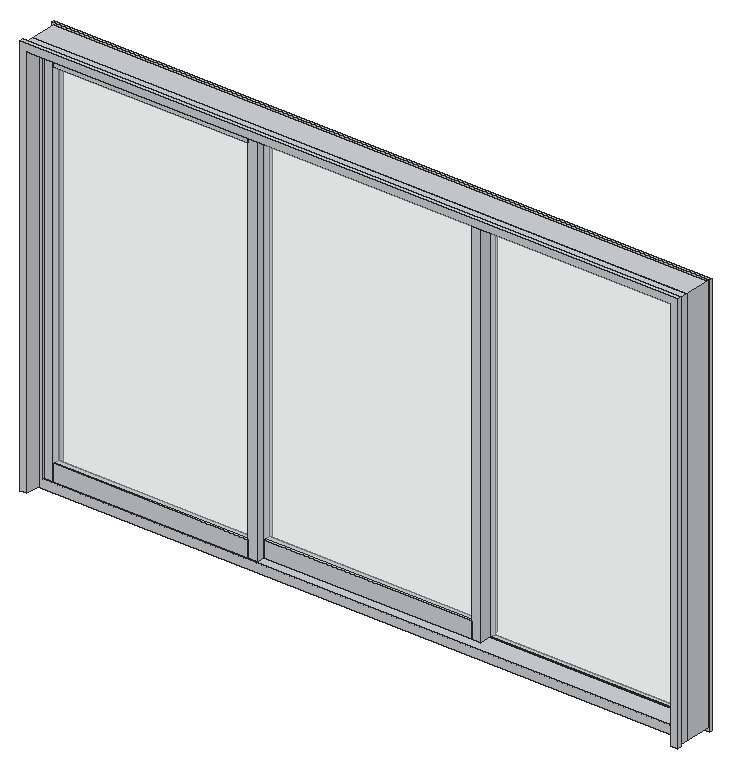
Revit family "APL Residential Thermal Heart Sliding Door SSF", category Doors, host Wall, Revit 2017 (continued)
Definition of nested family "APL Residential Thermal Heart Sliding Door SSF Horizontal Section"
  Definition of nested family "Jamb Multislider Fixed"
    Definition of nested family "65410_Frame"
      Lines and regions (mm)
        model lines, in view "Ref. Level"
          curve 590: line (111.5, 9.1, 0) -> (111.5, 8.8, 0)
          curve 591: line (110.5, 8.8, 0) -> (110.5, 11.35, 0)
          curve 592: line (111.5, 11.35, 0) -> (111.5, 10.5, 0)
          curve 593: line (111.7, 10.3, 0) -> (112.7, 10.3, 0)
          curve 594: line (112.9, 10.5, 0) -> (112.9, 17.8, 0)
          curve 595: line (112.7, 18, 0) -> (111.701, 18, 0)
          curve 596: line (111.5, 17.8, 0) -> (111.5, 16.95, 0)
          curve 597: line (110.5, 16.95, 0) -> (110.5, 18.5, 0)
          curve 598: line (111, 19, 0) -> (116, 19, 0)
          curve 599: line (116.5, 18.5, 0) -> (116.5, 16.95, 0)
          curve 600: line (115.5, 16.95, 0) -> (115.5, 17.8, 0)
          curve 601: line (115.3, 18, 0) -> (114.3, 18, 0)
          curve 602: line (114.1, 17.8, 0) -> (114.1, 10.5, 0)
          curve 603: line (114.3, 10.3, 0) -> (115.3, 10.3, 0)
          curve 604: line (115.5, 10.5, 0) -> (115.5, 11.35, 0)
          curve 605: line (116.5, 11.35, 0) -> (116.5, 8.8, 0)
          curve 606: line (115.5, 8.8, 0) -> (115.5, 9.1, 0)
          curve 607: line (115.3, 9.3, 0) -> (114.6, 9.3, 0)
          curve 608: line (114.4, 9.1, 0) -> (114.4, -7.5, 0)
          curve 609: line (114.9, -8, 0) -> (117.117, -8, 0)
          curve 610: line (117.887, -7.732, 0) -> (119.297, -7.218, 0)
          curve 611: line (119.699, -7.526, 0) -> (119.492, -9.892, 0)
          curve 612: line (119.405, -10.078, 0) -> (119.041, -10.441, 0)
          curve 613: line (118.707, -10.352, 0) -> (118.662, -10.184, 0)
          curve 614: line (118.662, -10.184, 0) -> (116.532, -9.51, 0)
          curve 615: line (116.532, -9.51, 0) -> (116.3, -9.5, 0)
          curve 616: line (116.2, -10.247, 0) -> (116.2, -13.475, 0)
          curve 617: line (116.2, -13.475, 0) -> (116.006, -14.25, 0)
          curve 618: line (116.2, -14.5, 0) -> (116.721, -14.5, 0)
          curve 619: line (116.721, -14.5, 0) -> (118.131, -13.691, 0)
          curve 620: line (118.7, -13.55, 0) -> (118.7, -15.126, 0)
          curve 621: line (118.7, -16.874, 0) -> (118.7, -18.45, 0)
          curve 622: line (118.131, -18.309, 0) -> (116.877, -17.544, 0)
          curve 623: line (116.877, -17.544, 0) -> (116.2, -17.5, 0)
          curve 624: line (116.006, -17.75, 0) -> (116.194, -18.475, 0)
          curve 625: line (116.194, -18.475, 0) -> (116.2, -21.753, 0)
          curve 626: line (116.454, -22.5, 0) -> (118.521, -21.957, 0)
          curve 627: line (118.521, -21.957, 0) -> (118.707, -21.648, 0)
          curve 628: line (119.041, -21.559, 0) -> (119.405, -21.922, 0)
          curve 629: line (119.492, -22.108, 0) -> (119.699, -24.474, 0)
          curve 630: line (119.297, -24.782, 0) -> (117.887, -24.268, 0)
          curve 631: line (117.117, -24, 0) -> (114.8, -24, 0)
          curve 632: line (114.3, -23.5, 0) -> (114.3, -19, 0)
          curve 633: line (114.1, -18.8, 0) -> (105.3, -18.8, 0)
          curve 634: line (104.8, -18.3, 0) -> (104.8, -17.8, 0)
          curve 635: line (105.3, -17.3, 0) -> (106.727, -17.3, 0)
          curve 636: line (106.827, -13.2, 0) -> (102.3, -13.2, 0)
          curve 637: line (100.048, -11.9, 0) -> (91.556, -11.9, 0)
          curve 638: line (89.2, -13.4, 0) -> (87.9, -13.4, 0)
          curve 639: line (86.9, -14.4, 0) -> (86.9, -23.5, 0)
          curve 640: line (86.4, -24, 0) -> (84.083, -24, 0)
          curve 641: line (83.313, -24.268, 0) -> (81.903, -24.782, 0)
          curve 642: line (81.501, -24.474, 0) -> (81.708, -22.108, 0)
          curve 643: line (81.795, -21.922, 0) -> (82.159, -21.559, 0)
          curve 644: line (82.493, -21.648, 0) -> (82.538, -21.816, 0)
          curve 645: line (82.538, -21.816, 0) -> (84.668, -22.49, 0)
          curve 646: line (84.668, -22.49, 0) -> (84.9, -22.5, 0)
          curve 647: line (85, -21.753, 0) -> (85, -18.525, 0)
          curve 648: line (85, -18.525, 0) -> (85.194, -17.75, 0)
          curve 649: line (85, -17.5, 0) -> (84.479, -17.5, 0)
          curve 650: line (84.479, -17.5, 0) -> (83.069, -18.309, 0)
          curve 651: line (82.5, -18.45, 0) -> (82.5, -16.874, 0)
          curve 652: line (82.5, -15.126, 0) -> (82.5, -13.55, 0)
          curve 653: line (83.069, -13.691, 0) -> (84.323, -14.456, 0)
          curve 654: line (84.323, -14.456, 0) -> (85, -14.5, 0)
          curve 655: line (85.194, -14.25, 0) -> (85.006, -13.525, 0)
          curve 656: line (85.006, -13.525, 0) -> (85, -10.247, 0)
          curve 657: line (84.746, -9.5, 0) -> (82.679, -10.043, 0)
          curve 658: line (82.679, -10.043, 0) -> (82.493, -10.352, 0)
          curve 659: line (82.159, -10.441, 0) -> (81.795, -10.078, 0)
          curve 660: line (81.708, -9.892, 0) -> (81.501, -7.526, 0)
          curve 661: line (81.903, -7.218, 0) -> (83.313, -7.732, 0)
          curve 662: line (84.083, -8, 0) -> (86.7, -8, 0)
          curve 663: line (86.9, -8.2, 0) -> (86.9, -11.3, 0)
          curve 664: line (87.1, -11.5, 0) -> (89.2, -11.5, 0)
          curve 665: line (89.4, -11.3, 0) -> (89.4, -10.2, 0)
          curve 666: arc (159.4, 11.877, 0) -> (159.327, 11.95, 0) -> (159.3, 12.05, 0) r 0.2
          curve 667: arc (159.3, 16.25, 0) -> (159.327, 16.35, 0) -> (159.4, 16.423, 0) r 0.2
          curve 668: arc (159.4, 16.423, 0) -> (159.473, 16.496, 0) -> (159.5, 16.596, 0) r 0.2
          curve 669: arc (159.5, 17.8, 0) -> (159.441, 17.941, 0) -> (159.3, 18, 0) r 0.2
          curve 670: arc (157.701, 18, 0) -> (157.559, 17.942, 0) -> (157.5, 17.8, 0) r 0.2
          curve 671: arc (157.5, 16.95, 0) -> (157, 16.451, 0) -> (156.5, 16.95, 0) r 0.5
          curve 672: arc (156.5, 18.5, 0) -> (156.646, 18.854, 0) -> (157, 19, 0) r 0.499
          curve 673: arc (160.5, 19, 0) -> (160.847, 18.847, 0) -> (161, 18.5, 0) r 0.523
          curve 674: arc (161, -2.5, 0) -> (160.856, -2.856, 0) -> (160.5, -3, 0) r 0.493
          curve 675: arc (157.7, -3, 0) -> (157.558, -3.058, 0) -> (157.5, -3.2, 0) r 0.199
          curve 676: arc (157.5, -10.801, 0) -> (156.852, -12.441, 0) -> (155.258, -13.195, 0) r 2.399
          curve 677: arc (155.258, -13.195, 0) -> (154.878, -13.412, 0) -> (154.814, -13.844, 0) r 0.5
          curve 678: arc (154.814, -13.844, 0) -> (155, -15.047, 0) -> (154.816, -16.25, 0) r 4
          curve 679: arc (154.816, -16.25, 0) -> (154.89, -16.696, 0) -> (155.293, -16.9, 0) r 0.5
          curve 680: arc (155.5, -16.9, 0) -> (156.914, -17.486, 0) -> (157.5, -18.9, 0) r 2.001
          curve 681: arc (166.75, -22.5, 0) -> (167.501, -23.253, 0) -> (166.745, -24, 0) r 0.75
          curve 682: arc (157.5, -24, 0) -> (156.439, -23.561, 0) -> (156, -22.5, 0) r 1.5
          curve 683: arc (156, -19, 0) -> (155.941, -18.859, 0) -> (155.8, -18.8, 0) r 0.2
          curve 684: arc (146.5, -18.8, 0) -> (146.146, -18.654, 0) -> (146, -18.3, 0) r 0.5
          curve 685: arc (146, -17.8, 0) -> (146.146, -17.446, 0) -> (146.5, -17.3, 0) r 0.5
          curve 686: arc (147.927, -17.3, 0) -> (148.266, -17.167, 0) -> (148.426, -16.84, 0) r 0.5
          curve 687: arc (148.426, -16.84, 0) -> (148.912, -16.197, 0) -> (149.7, -16.366, 0) r 0.75
          curve 688: arc (149.7, -16.366, 0) -> (151, -16.9, 0) -> (152.3, -16.366, 0) r 1.85
          curve 689: arc (152.3, -16.366, 0) -> (152.442, -16.256, 0) -> (152.607, -16.183, 0) r 0.75
          curve 690: arc (152.607, -16.183, 0) -> (152.791, -16.08, 0) -> (152.916, -15.91, 0) r 0.5
          curve 691: arc (152.916, -15.91, 0) -> (153.1, -15.05, 0) -> (152.916, -14.19, 0) r 2.1
          curve 692: arc (152.916, -14.19, 0) -> (152.791, -14.02, 0) -> (152.607, -13.917, 0) r 0.5
          curve 693: arc (152.607, -13.917, 0) -> (152.442, -13.844, 0) -> (152.3, -13.734, 0) r 0.75
          curve 694: arc (152.3, -13.734, 0) -> (151, -13.2, 0) -> (149.7, -13.734, 0) r 1.85
          curve 695: arc (149.7, -13.734, 0) -> (149.027, -13.936, 0) -> (148.482, -13.491, 0) r 0.75
          curve 696: arc (148.482, -13.491, 0) -> (148.32, -13.284, 0) -> (148.075, -13.188, 0) r 0.5
          curve 697: arc (148.075, -13.188, 0) -> (147.154, -12.86, 0) -> (146.481, -12.15, 0) r 2.1
          curve 698: arc (146.481, -12.15, 0) -> (146.298, -11.967, 0) -> (146.048, -11.9, 0) r 0.5
          curve 699: arc (137.556, -11.9, 0) -> (137.287, -11.978, 0) -> (137.103, -12.188, 0) r 0.5
          curve 700: arc (137.103, -12.188, 0) -> (136.328, -13.071, 0) -> (135.2, -13.4, 0) r 2.1
          curve 701: arc (133.9, -13.4, 0) -> (133.193, -13.693, 0) -> (132.9, -14.4, 0) r 1
          curve 702: arc (132.9, -23.5, 0) -> (132.754, -23.854, 0) -> (132.4, -24, 0) r 0.5
          curve 703: arc (130.083, -24, 0) -> (129.778, -23.801, 0) -> (129.505, -24.043, 0) r 0.3
          curve 704: arc (129.505, -24.043, 0) -> (129.439, -24.181, 0) -> (129.313, -24.268, 0) r 0.3
          curve 705: arc (127.903, -24.782, 0) -> (127.617, -24.738, 0) -> (127.501, -24.474, 0) r 0.3
          curve 706: arc (127.708, -22.108, 0) -> (127.735, -22.008, 0) -> (127.795, -21.922, 0) r 0.3
          curve 707: arc (128.159, -21.559, 0) -> (128.352, -21.507, 0) -> (128.493, -21.648, 0) r 0.2
          curve 708: arc (128.538, -21.816, 0) -> (128.59, -21.905, 0) -> (128.679, -21.957, 0) r 0.2
          curve 709: arc (130.9, -22.5, 0) -> (131.18, -22.307, 0) -> (131.1, -21.976, 0) r 0.3
          curve 710: arc (131.1, -21.976, 0) -> (131.026, -21.875, 0) -> (131, -21.753, 0) r 0.3
          curve 711: arc (131.194, -17.75, 0) -> (131.158, -17.578, 0) -> (131, -17.5, 0) r 0.2
          curve 712: arc (130.479, -17.5, 0) -> (130.398, -17.511, 0) -> (130.323, -17.544, 0) r 0.3
          curve 713: arc (129.069, -18.309, 0) -> (129.072, -18.479, 0) -> (128.966, -18.611, 0) r 0.25
          curve 714: arc (128.88, -18.663, 0) -> (128.628, -18.668, 0) -> (128.5, -18.45, 0) r 0.25
          curve 715: arc (128.5, -16.874, 0) -> (128.582, -16.477, 0) -> (128.815, -16.146, 0) r 1
          curve 716: arc (128.815, -16.146, 0) -> (128.878, -16, 0) -> (128.815, -15.854, 0) r 0.2
          curve 717: arc (128.815, -15.854, 0) -> (128.582, -15.523, 0) -> (128.5, -15.126, 0) r 1
          curve 718: arc (128.5, -13.55, 0) -> (128.628, -13.332, 0) -> (128.88, -13.337, 0) r 0.25
          curve 719: arc (128.966, -13.389, 0) -> (129.072, -13.521, 0) -> (129.069, -13.691, 0) r 0.25
          curve 720: arc (130.323, -14.456, 0) -> (130.398, -14.489, 0) -> (130.479, -14.5, 0) r 0.3
          curve 721: arc (131, -14.5, 0) -> (131.158, -14.422, 0) -> (131.194, -14.25, 0) r 0.2
          curve 722: arc (131, -10.247, 0) -> (131.026, -10.125, 0) -> (131.1, -10.024, 0) r 0.3
          curve 723: arc (131.1, -10.024, 0) -> (131.18, -9.693, 0) -> (130.9, -9.5, 0) r 0.3
          curve 724: arc (128.679, -10.043, 0) -> (128.59, -10.095, 0) -> (128.538, -10.184, 0) r 0.2
          curve 725: arc (128.493, -10.352, 0) -> (128.352, -10.493, 0) -> (128.159, -10.441, 0) r 0.2
          curve 726: arc (127.795, -10.078, 0) -> (127.735, -9.992, 0) -> (127.708, -9.892, 0) r 0.3
          curve 727: arc (127.501, -7.526, 0) -> (127.617, -7.262, 0) -> (127.903, -7.218, 0) r 0.3
          curve 728: arc (129.313, -7.732, 0) -> (129.439, -7.819, 0) -> (129.505, -7.957, 0) r 0.3
          curve 729: arc (129.505, -7.957, 0) -> (129.778, -8.199, 0) -> (130.083, -8, 0) r 0.3
          curve 730: arc (132.7, -8, 0) -> (132.841, -8.059, 0) -> (132.9, -8.2, 0) r 0.2
          curve 731: arc (132.9, -11.3, 0) -> (132.959, -11.441, 0) -> (133.1, -11.5, 0) r 0.2
          curve 732: arc (135.2, -11.5, 0) -> (135.341, -11.441, 0) -> (135.4, -11.3, 0) r 0.2
          curve 733: arc (135.4, -10.2, 0) -> (135.459, -10.059, 0) -> (135.6, -10, 0) r 0.2
          curve 734: arc (147.9, -10, 0) -> (148.042, -10.059, 0) -> (148.1, -10.2, 0) r 0.2
          curve 735: arc (148.1, -11.1, 0) -> (148.159, -11.241, 0) -> (148.3, -11.3, 0) r 0.2
          curve 736: arc (155.1, -11.3, 0) -> (155.454, -11.154, 0) -> (155.6, -10.8, 0) r 0.5
          curve 737: arc (155.6, -9.5, 0) -> (155.541, -9.359, 0) -> (155.4, -9.3, 0) r 0.2
          curve 738: arc (153.3, -9.3, 0) -> (153.159, -9.241, 0) -> (153.1, -9.1, 0) r 0.2
          curve 739: arc (153.1, -8.2, 0) -> (153.159, -8.059, 0) -> (153.3, -8, 0) r 0.2
          curve 740: arc (155.5, -8, 0) -> (155.854, -7.854, 0) -> (156, -7.5, 0) r 0.5
          curve 741: arc (156, -1.2, 0) -> (156.146, -0.846, 0) -> (156.5, -0.7, 0) r 0.5
          curve 742: arc (157.3, -0.7, 0) -> (157.441, -0.759, 0) -> (157.5, -0.9, 0) r 0.2
          curve 743: arc (159.3, -1.7, 0) -> (159.441, -1.641, 0) -> (159.5, -1.5, 0) r 0.2
          curve 744: arc (159.5, 3.4, 0) -> (159.1, 3.8, 0) -> (159.5, 4.2, 0) r 0.4
          curve 745: arc (159.5, 9.1, 0) -> (159.441, 9.241, 0) -> (159.3, 9.3, 0) r 0.2
          curve 746: arc (157.5, 8.7, 0) -> (157.383, 8.417, 0) -> (157.1, 8.3, 0) r 0.4
          curve 747: arc (157, 8.3, 0) -> (156.646, 8.447, 0) -> (156.5, 8.8, 0) r 0.5
          curve 748: arc (156.5, 11.35, 0) -> (157, 11.85, 0) -> (157.5, 11.35, 0) r 0.5
          curve 749: arc (157.5, 10.5, 0) -> (157.559, 10.359, 0) -> (157.7, 10.3, 0) r 0.2
          curve 750: arc (159.3, 10.3, 0) -> (159.441, 10.359, 0) -> (159.5, 10.5, 0) r 0.2
          curve 751: line (159.3, 12.05, 0) -> (159.3, 16.25, 0)
          curve 752: line (159.5, 16.596, 0) -> (159.5, 17.8, 0)
          curve 753: line (159.3, 18, 0) -> (157.701, 18, 0)
          curve 754: line (157.5, 17.8, 0) -> (157.5, 16.95, 0)
          curve 755: line (156.5, 16.95, 0) -> (156.5, 18.5, 0)
          curve 756: line (157, 19, 0) -> (160.5, 19, 0)
          curve 757: line (161, 18.5, 0) -> (161, -2.5, 0)
          curve 758: line (160.5, -3, 0) -> (157.7, -3, 0)
          curve 759: line (157.5, -3.2, 0) -> (157.5, -10.801, 0)
          curve 760: line (155.293, -16.9, 0) -> (155.5, -16.9, 0)
          curve 761: line (157.5, -18.9, 0) -> (157.5, -22.5, 0)
          curve 762: line (157.5, -22.5, 0) -> (166.75, -22.5, 0)
          curve 763: line (166.745, -24, 0) -> (165, -24, 0)
          curve 764: line (165, -24, 0) -> (164.6, -23.6, 0)
          curve 765: line (164.6, -23.6, 0) -> (158.3, -23.6, 0)
          curve 766: line (158.3, -23.6, 0) -> (157.9, -24, 0)
          curve 767: line (157.9, -24, 0) -> (157.5, -24, 0)
          curve 768: line (156, -22.5, 0) -> (156, -19, 0)
          curve 769: line (155.8, -18.8, 0) -> (146.5, -18.8, 0)
          curve 770: line (146, -18.3, 0) -> (146, -17.8, 0)
          curve 771: line (146.5, -17.3, 0) -> (147.927, -17.3, 0)
          curve 772: line (146.048, -11.9, 0) -> (137.556, -11.9, 0)
          curve 773: line (135.2, -13.4, 0) -> (133.9, -13.4, 0)
          curve 774: line (132.9, -14.4, 0) -> (132.9, -23.5, 0)
          curve 775: line (132.4, -24, 0) -> (130.083, -24, 0)
          curve 776: line (129.313, -24.268, 0) -> (127.903, -24.782, 0)
          curve 777: line (127.501, -24.474, 0) -> (127.708, -22.108, 0)
          curve 778: line (127.795, -21.922, 0) -> (128.159, -21.559, 0)
          curve 779: line (128.493, -21.648, 0) -> (128.538, -21.816, 0)
          curve 780: line (128.538, -21.816, 0) -> (130.668, -22.49, 0)
          curve 781: line (130.668, -22.49, 0) -> (130.9, -22.5, 0)
          curve 782: line (131, -21.753, 0) -> (131, -18.525, 0)
          curve 783: line (131, -18.525, 0) -> (131.194, -17.75, 0)
          curve 784: line (131, -17.5, 0) -> (130.479, -17.5, 0)
          curve 785: line (130.479, -17.5, 0) -> (129.069, -18.309, 0)
          curve 786: line (128.5, -18.45, 0) -> (128.5, -16.874, 0)
          curve 787: line (128.5, -15.126, 0) -> (128.5, -13.55, 0)
          curve 788: line (129.069, -13.691, 0) -> (130.323, -14.456, 0)
          curve 789: line (130.323, -14.456, 0) -> (131, -14.5, 0)
          curve 790: line (131.194, -14.25, 0) -> (131, -13.5, 0)
          curve 791: line (131.006, -13.525, 0) -> (131, -10.247, 0)
          curve 792: line (130.746, -9.5, 0) -> (128.679, -10.043, 0)
          curve 793: line (128.679, -10.043, 0) -> (128.493, -10.352, 0)
          curve 794: line (128.159, -10.441, 0) -> (127.795, -10.078, 0)
          curve 795: line (127.708, -9.892, 0) -> (127.501, -7.526, 0)
          curve 796: line (127.903, -7.218, 0) -> (129.313, -7.732, 0)
          curve 797: line (130.083, -8, 0) -> (132.7, -8, 0)
          curve 798: line (132.9, -8.2, 0) -> (132.9, -11.3, 0)
          curve 799: line (133.1, -11.5, 0) -> (135.2, -11.5, 0)
          curve 800: line (135.4, -11.3, 0) -> (135.4, -10.2, 0)
          curve 801: line (135.6, -10, 0) -> (141.4, -10, 0)
          curve 802: line (141.4, -10, 0) -> (141.8, -10.4, 0)
          curve 803: line (141.8, -10.4, 0) -> (142.2, -10, 0)
          curve 804: line (142.2, -10, 0) -> (147.9, -10, 0)
          curve 805: line (148.1, -10.2, 0) -> (148.1, -11.1, 0)
          curve 806: line (148.3, -11.3, 0) -> (155.1, -11.3, 0)
          curve 807: line (155.6, -10.8, 0) -> (155.6, -9.5, 0)
          curve 808: line (155.4, -9.3, 0) -> (153.3, -9.3, 0)
          curve 809: line (153.1, -9.1, 0) -> (153.1, -8.2, 0)
          curve 810: line (153.3, -8, 0) -> (155.5, -8, 0)
          curve 811: line (156, -7.5, 0) -> (156, -1.2, 0)
          curve 812: line (156.5, -0.7, 0) -> (157.3, -0.7, 0)
          curve 813: line (157.5, -0.9, 0) -> (157.5, -1.7, 0)
          curve 814: line (157.5, -1.7, 0) -> (159.3, -1.7, 0)
          curve 815: line (159.5, -1.5, 0) -> (159.5, 3.4, 0)
          curve 816: line (159.5, 4.2, 0) -> (159.5, 9.1, 0)
          curve 817: line (159.3, 9.3, 0) -> (157.5, 9.3, 0)
          curve 818: line (157.5, 9.3, 0) -> (157.5, 8.7, 0)
          curve 819: line (156.5, 8.8, 0) -> (156.5, 11.35, 0)
          curve 820: line (157.5, 11.35, 0) -> (157.5, 10.5, 0)
          curve 821: line (157.7, 10.3, 0) -> (159.3, 10.3, 0)
          curve 822: line (159.5, 10.5, 0) -> (159.5, 11.704, 0)
          curve 823: arc (159.5, 11.704, 0) -> (159.473, 11.804, 0) -> (159.4, 11.877, 0) r 0.2
          curve 824: arc (116.2, -13.6, 0) -> (116.317, -13.883, 0) -> (116.6, -14, 0) r 0.4
          curve 825: arc (116.893, -14, 0) -> (116.996, -13.986, 0) -> (117.093, -13.946, 0) r 0.4
          curve 826: arc (118.621, -13.061, 0) -> (118.911, -12.941, 0) -> (119.222, -12.9, 0) r 1.2
          curve 827: arc (120.145, -12.9, 0) -> (120.718, -12.719, 0) -> (121.084, -12.242, 0) r 1
          curve 828: arc (121.877, -10.063, 0) -> (122.024, -9.872, 0) -> (122.253, -9.8, 0) r 0.4
          curve 829: arc (124.947, -9.8, 0) -> (125.176, -9.872, 0) -> (125.323, -10.063, 0) r 0.4
          curve 830: arc (126.116, -12.242, 0) -> (126.482, -12.719, 0) -> (127.055, -12.9, 0) r 1
          curve 831: arc (127.978, -12.9, 0) -> (128.289, -12.941, 0) -> (128.579, -13.061, 0) r 1.2
          curve 832: arc (130.107, -13.946, 0) -> (130.204, -13.986, 0) -> (130.307, -14, 0) r 0.4
          curve 833: arc (130.6, -14, 0) -> (130.883, -13.883, 0) -> (131, -13.6, 0) r 0.4
          curve 834: arc (131, -10.2, 0) -> (130.883, -9.917, 0) -> (130.6, -9.8, 0) r 0.4
          curve 835: arc (130.307, -9.8, 0) -> (130.204, -9.814, 0) -> (130.107, -9.854, 0) r 0.4
          curve 836: arc (128.579, -10.739, 0) -> (128.285, -10.86, 0) -> (127.97, -10.9, 0) r 1.2
          curve 837: arc (127.97, -10.9, 0) -> (127.795, -10.847, 0) -> (127.684, -10.703, 0) r 0.3
          curve 838: arc (126.796, -8.263, 0) -> (126.649, -8.072, 0) -> (126.42, -8, 0) r 0.4
          curve 839: arc (120.78, -8, 0) -> (120.551, -8.072, 0) -> (120.404, -8.263, 0) r 0.4
          curve 840: arc (119.516, -10.703, 0) -> (119.405, -10.847, 0) -> (119.23, -10.9, 0) r 0.3
          curve 841: arc (119.23, -10.9, 0) -> (118.915, -10.86, 0) -> (118.621, -10.739, 0) r 1.2
          curve 842: arc (117.093, -9.854, 0) -> (116.996, -9.814, 0) -> (116.893, -9.8, 0) r 0.4
          curve 843: arc (116.6, -9.8, 0) -> (116.317, -9.917, 0) -> (116.2, -10.2, 0) r 0.4
          curve 844: line (116.6, -14, 0) -> (116.893, -14, 0)
          curve 845: line (117.093, -13.946, 0) -> (118.621, -13.061, 0)
          curve 846: line (119.222, -12.9, 0) -> (120.145, -12.9, 0)
          curve 847: line (121.084, -12.242, 0) -> (121.877, -10.063, 0)
          curve 848: line (122.253, -9.8, 0) -> (124.947, -9.8, 0)
          curve 849: line (125.323, -10.063, 0) -> (126.116, -12.242, 0)
          curve 850: line (127.055, -12.9, 0) -> (127.978, -12.9, 0)
          curve 851: line (128.579, -13.061, 0) -> (130.107, -13.946, 0)
          curve 852: line (130.307, -14, 0) -> (130.6, -14, 0)
          curve 853: line (131, -13.6, 0) -> (131, -10.2, 0)
          curve 854: line (130.6, -9.8, 0) -> (130.307, -9.8, 0)
          curve 855: line (130.107, -9.854, 0) -> (128.579, -10.739, 0)
          curve 856: line (127.684, -10.703, 0) -> (126.796, -8.263, 0)
          curve 857: line (126.42, -8, 0) -> (120.78, -8, 0)
          curve 858: line (120.404, -8.263, 0) -> (119.516, -10.703, 0)
          curve 859: line (118.621, -10.739, 0) -> (117.093, -9.854, 0)
          curve 860: line (116.893, -9.8, 0) -> (116.6, -9.8, 0)
          curve 861: line (116.2, -10.2, 0) -> (116.2, -13.6, 0)
          curve 862: arc (116.2, -18.4, 0) -> (116.317, -18.117, 0) -> (116.6, -18, 0) r 0.4
          curve 863: arc (116.893, -18, 0) -> (116.996, -18.014, 0) -> (117.093, -18.054, 0) r 0.4
          curve 864: arc (118.621, -18.939, 0) -> (118.911, -19.059, 0) -> (119.222, -19.1, 0) r 1.2
          curve 865: arc (120.145, -19.1, 0) -> (120.718, -19.281, 0) -> (121.084, -19.758, 0) r 1
          curve 866: arc (121.877, -21.937, 0) -> (122.024, -22.128, 0) -> (122.253, -22.2, 0) r 0.4
          curve 867: arc (124.947, -22.2, 0) -> (125.176, -22.128, 0) -> (125.323, -21.937, 0) r 0.4
          curve 868: arc (126.116, -19.758, 0) -> (126.482, -19.281, 0) -> (127.055, -19.1, 0) r 1
          curve 869: arc (127.978, -19.1, 0) -> (128.289, -19.059, 0) -> (128.579, -18.939, 0) r 1.2
          curve 870: arc (130.107, -18.054, 0) -> (130.204, -18.014, 0) -> (130.307, -18, 0) r 0.4
          curve 871: arc (130.6, -18, 0) -> (130.883, -18.117, 0) -> (131, -18.4, 0) r 0.4
          curve 872: arc (131, -21.8, 0) -> (130.883, -22.083, 0) -> (130.6, -22.2, 0) r 0.4
          curve 873: arc (130.307, -22.2, 0) -> (130.204, -22.186, 0) -> (130.107, -22.146, 0) r 0.4
          curve 874: arc (128.579, -21.262, 0) -> (128.285, -21.14, 0) -> (127.97, -21.1, 0) r 1.2
          curve 875: arc (127.97, -21.1, 0) -> (127.795, -21.153, 0) -> (127.684, -21.297, 0) r 0.3
          curve 876: arc (126.796, -23.737, 0) -> (126.649, -23.928, 0) -> (126.42, -24, 0) r 0.4
          curve 877: arc (120.78, -24, 0) -> (120.551, -23.928, 0) -> (120.404, -23.737, 0) r 0.4
          curve 878: arc (119.516, -21.297, 0) -> (119.405, -21.153, 0) -> (119.23, -21.1, 0) r 0.3
          curve 879: arc (119.23, -21.1, 0) -> (118.915, -21.14, 0) -> (118.621, -21.262, 0) r 1.2
          curve 880: arc (117.093, -22.146, 0) -> (116.996, -22.186, 0) -> (116.893, -22.2, 0) r 0.4
          curve 881: arc (116.6, -22.2, 0) -> (116.317, -22.083, 0) -> (116.2, -21.8, 0) r 0.4
          curve 882: line (116.6, -18, 0) -> (116.893, -18, 0)
          curve 883: line (117.093, -18.054, 0) -> (118.621, -18.939, 0)
          curve 884: line (119.222, -19.1, 0) -> (120.145, -19.1, 0)
          curve 885: line (121.084, -19.758, 0) -> (121.877, -21.937, 0)
          curve 886: line (122.253, -22.2, 0) -> (124.947, -22.2, 0)
          curve 887: line (125.323, -21.937, 0) -> (126.116, -19.758, 0)
          curve 888: line (127.055, -19.1, 0) -> (127.978, -19.1, 0)
          curve 889: line (128.579, -18.939, 0) -> (130.107, -18.054, 0)
          curve 890: line (130.307, -18, 0) -> (130.6, -18, 0)
          curve 891: line (131, -18.4, 0) -> (131, -21.8, 0)
          curve 892: line (130.6, -22.2, 0) -> (130.307, -22.2, 0)
          curve 893: line (130.107, -22.146, 0) -> (128.579, -21.262, 0)
          curve 894: line (127.684, -21.297, 0) -> (126.796, -23.737, 0)
          curve 895: line (126.42, -24, 0) -> (120.78, -24, 0)
          curve 896: line (120.404, -23.737, 0) -> (119.516, -21.297, 0)
          curve 897: line (118.621, -21.262, 0) -> (117.093, -22.146, 0)
          curve 898: line (116.893, -22.2, 0) -> (116.6, -22.2, 0)
          curve 899: line (116.2, -21.8, 0) -> (116.2, -18.4, 0)
      Text (mm)
        text "65410" at (71.918, 37.65, 0), in view "Ref. Level"
Definition of nested family "APL Residential Thermal Heart Sliding Door SSF Vertical Section"
  Parameters (values of type "Groove Liner")
    Sill Liner = no
    Liner End [instance] = 10 mm
    Liner Block = Liner : Liner
    Liner [instance] = 100 mm
    Head Liner = yes
    Groove [instance] = 10 mm
    Glass Length [instance] = Box Height - 217.9 mm  # 282.1 mm
    Glass Fixed Length [instance] = Box Height - 60.5 mm  # 439.5 mm
    Box Height [instance] = 500 mm
  Types (2, lengths in mm): name | Liner Block
    Groove Liner | Liner : Liner
    Liner | Liner No Groove : Liner No Groove
  Reference planes
    plane 1 "Center (Front/Back)": x = -395.946
    plane 2: z = 0
    plane 3 "Center (Left/Right)": y = 126.603
    plane 4: y = 376.603
    plane 5: y = -123.397
    plane 6: x = -238.446
    plane 7: x = -238.446
    plane 8: x = -377.596
    plane 9: y = -128.397
  Lines and regions (mm)
    detail lines, in view "Left", not visible
      curve 1: arc (-355.164, -79.17, 0) -> (-355.475, -79.03, 0) -> (-355.637, -79.33, 0) r 0.25
      curve 2: arc (-355.611, -89.218, 0) -> (-355.448, -89.517, 0) -> (-355.138, -89.377, 0) r 0.25
      curve 3: line (-355.637, -79.33, 0) -> (-354.643, -83.197, 0)
      curve 4: line (-354.643, -83.197, 0) -> (-355.646, -83.776, 0)
      curve 5: line (-355.646, -83.776, 0) -> (-355.646, -84.776, 0)
      curve 6: line (-355.646, -84.776, 0) -> (-354.621, -85.368, 0)
      curve 7: line (-354.621, -85.368, 0) -> (-355.611, -89.218, 0)
      curve 8: line (-355.138, -89.377, 0) -> (-353.414, -85.276, 0)
      curve 9: line (-353.414, -85.276, 0) -> (-352.146, -85.276, 0)
      curve 10: line (-352.146, -85.276, 0) -> (-352.146, -86.526, 0)
      curve 11: line (-352.146, -86.526, 0) -> (-351.146, -86.526, 0)
      curve 12: line (-351.146, -86.526, 0) -> (-351.146, -82.026, 0)
      curve 13: line (-351.146, -82.026, 0) -> (-352.146, -82.026, 0)
      curve 14: line (-352.146, -82.026, 0) -> (-352.146, -83.276, 0)
      curve 15: line (-352.146, -83.276, 0) -> (-353.438, -83.276, 0)
      curve 16: line (-353.438, -83.276, 0) -> (-355.164, -79.17, 0)
  Dimensions and locks
    equal spacing: plane 4, plane 3 "Center (Left/Right)", plane 5
    "Box Height": plane 4 to plane 5
    "Liner": plane 6 to nested 1
    "Liner": plane 7 to nested 2
    locked: nested 3 to plane 4 at 92  (x2)
    locked: plane 5 to nested 4 at 120.801  (x2)
    locked: plane 5 to nested 6 at 30.32
    locked: nested 5 to plane 4 at 30.32
    locked: nested 10 to nested 1 at 22.396
    locked: nested 2 to nested 7 at 22.396
    locked: nested 7 to nested 9 at 6
    locked: nested 7 to nested 4 at 6
    locked: nested 7 to nested 6 at 6.32
    locked: nested 5 to nested 10 at 6.32
    locked: nested 8 to nested 10 at 6
    locked: nested 3 to nested 10 at 6
    aligned and locked: plane 7 to nested 2
  Nested families
    nested 1: "Liner" at (-238.446, 355.999, 0), type <- "Liner Block", visible <- "Head Liner", type "Liner", in view "Left", detail levels fine
      with built-in parameter 1001306 0.32808 (stored number, unit not read)
    nested 2: "Liner" at (-238.446, -102.794, 0), type <- "Liner Block", visible <- "Sill Liner", type "Liner", in view "Left", detail levels fine
      with built-in parameter 1001306 0.32808 (stored number, unit not read)
    nested 3: "Glass" at (-271.757, 284.602, 0), Glass Lenght <- "Glass Length", type "Glass", in view "Left", detail levels fine
      with Glass Lenght 282.1 mm
    nested 4: "Glass" at (-271.757, -2.597, 0), Glass Lenght <- "Glass Length", type "Glass", in view "Left", detail levels fine
      with Glass Lenght 282.1 mm
    nested 5: "Glazing Bead" at (-380.446, 346.283, 0), Glass Lenght <- "Glass Fixed Length", type "Glazing Bead", in view "Left", detail levels fine
      with Glass Lenght 439.5 mm
    nested 6: "Glazing Bead" at (-380.446, -93.078, 0), Glass Lenght <- "Glass Fixed Length", type "Glazing Bead", in view "Left", detail levels fine
      with Glass Lenght 439.5 mm
    nested 7: "Three Panel Sill" at (-308.917, -123.397, 0), type "Three Panel Sill", in view "Left", detail levels fine
    nested 8: "Glass" at (-317.757, 284.602, 0), Glass Lenght <- "Glass Length", type "Glass", in view "Left", detail levels fine
      with Glass Lenght 282.1 mm
    nested 9: "Glass" at (-317.757, -2.597, 0), Glass Lenght <- "Glass Length", type "Glass", in view "Left", detail levels fine
      with Glass Lenght 282.1 mm
    nested 10: "Three Panel Head" at (-395.946, 376.603, 0), type "Three Panel Head", in view "Left", detail levels fine
  Definition of nested family "Liner"
    Parameters (values of type "Liner")
      Type Image = (empty or 0)
      built-in parameter 1001306 [instance] = 100 mm
      Groove [instance] = 10 mm
      End Liner [instance] = 10 mm
    Reference planes
      plane 1 "Center (Front/Back)": y = 0
      plane 2: z = 0
      plane 3 "Left": x = 0
      plane 4 "Right": x = 100
    Lines and regions (mm)
      Filled region 1, type "Brick", in view "Ref. Level"
        outline origin (0, 0, 0) x (1, 0, 0) y (0, 1, 0)
          loop
            line (0, 0) -> (120, 0) -> (120, 19) -> (110, 19) -> (110, 13.435) -> (100, 13.435) -> (100, 19) -> (0, 19) -> (0, 0)
      reference lines, in view "Ref. Level"
        curve 1: line (0, 0, 0) -> (100, 0, 0)
      detail lines, in view "Ref. Level", detail levels fine
        curve 2: line (100, 0, 0) -> (0, 0, 0)
    Dimensions and locks
      "built-in parameter 1001306": plane 3 "Left" to plane 4 "Right"
      locked: Filled region 1 to curve 2 at 19
      "Groove": plane 4 "Right" to Filled region 1
      "End Liner": Filled region 1 to Filled region 1
      aligned and locked: plane 1 "Center (Front/Back)" to curve 1
      aligned and locked: plane 3 "Left" to curve 1
      aligned and locked: plane 4 "Right" to curve 1
      aligned and locked: curve 1 to Filled region 1
      aligned and locked: plane 1 "Center (Front/Back)" to Filled region 1
      aligned and locked: Filled region 1 to plane 3 "Left"
    Automatic sketch dimensions
      curve 2 to plane 4 "Right" = 0 mm
      Filled region 1 sketch curve to plane 3 "Left" = 0 mm
      Filled region 1 sketch curve to plane 4 "Right" = 0 mm
      Filled region 1 sketch curve to Filled region 1 sketch curve = 10 mm  (x2)
      Filled region 1 sketch curve to plane 1 "Center (Front/Back)" = 0 mm
      Filled region 1 sketch curve to plane 1 "Center (Front/Back)" = 13.435 mm
      Filled region 1 sketch curve to Filled region 1 sketch curve = 5.565 mm  (x2)
      curve 2 to plane 3 "Left" = 0 mm
  Definition of nested family "Glass"
    Parameters (values of type "Glass")
      Glass Lenght [instance] = 50 mm
    Reference planes
      plane 1 "Center (Front/Back)": y = 0
      plane 2: z = 0
      plane 3 "Center (Left/Right)": x = 0
      plane 4: y = -50
    Lines and regions (mm)
      Filled region 1, type "Solid Fill - Black", in view "Ref. Level"
        outline origin (0, 0, 0) x (1, 0, 0) y (0, 1, 0)
          loop
            line (4, 0) -> (4, -12) -> (20, -12) -> (20, 0) -> (4, 0)
      model lines, in view "Ref. Level"
        curve 1: line (4, -12, 0) -> (20, -12, 0)
        curve 2: line (0, -50, 0) -> (0, 0, 0)
        curve 3: line (0, 0, 0) -> (24, 0, 0)
        curve 4: line (24, 0, 0) -> (24, -50, 0)
        curve 5: line (20, 0, 0) -> (20, -50, 0)
        curve 6: line (4, 0, 0) -> (4, -50, 0)
      detail lines, in view "Ref. Level"
        curve 7: arc (25, -11.728, 0) -> (24.979, -11.828, 0) -> (24.92, -11.912, 0) r 0.25
        curve 8: arc (24.161, -12.614, 0) -> (24.042, -12.78, 0) -> (24, -12.981, 0) r 0.5
        curve 9: arc (24, -14.404, 0) -> (24.088, -14.594, 0) -> (24.289, -14.651, 0) r 0.25
        curve 10: arc (28.489, -13.997, 0) -> (28.647, -13.904, 0) -> (28.699, -13.728, 0) r 0.25
        curve 11: arc (27.5, -9.1, 0) -> (27.711, -8.984, 0) -> (27.727, -8.744, 0) r 0.25
        curve 12: arc (26.033, -5.114, 0) -> (25.642, -4.858, 0) -> (25.24, -5.095, 0) r 0.442
        curve 13: arc (24.864, -5.812, 0) -> (24.414, -6.357, 0) -> (24.052, -6.964, 0) r 4.62
        curve 14: arc (24.052, -6.964, 0) -> (24.013, -7.073, 0) -> (24, -7.187, 0) r 0.5
        curve 15: arc (24, -7.743, 0) -> (24.132, -7.931, 0) -> (24.353, -7.871, 0) r 0.2
        curve 16: arc (24.353, -7.871, 0) -> (24.514, -7.711, 0) -> (24.702, -7.581, 0) r 1.262
        curve 17: arc (24.702, -7.581, 0) -> (24.901, -7.583, 0) -> (25, -7.756, 0) r 0.2
        curve 18: arc (25, -8.353, 0) -> (24.962, -8.543, 0) -> (24.855, -8.705, 0) r 0.5
        curve 19: arc (24.855, -8.705, 0) -> (24.408, -9.237, 0) -> (24.051, -9.833, 0) r 4.3
        curve 20: arc (24.051, -9.833, 0) -> (24.013, -9.941, 0) -> (24, -10.054, 0) r 0.5
        curve 21: arc (24, -10.668, 0) -> (24.137, -10.858, 0) -> (24.361, -10.787, 0) r 0.2
        curve 22: arc (24.361, -10.787, 0) -> (24.512, -10.617, 0) -> (24.69, -10.476, 0) r 1.288
        curve 23: arc (24.69, -10.476, 0) -> (24.895, -10.467, 0) -> (25, -10.643, 0) r 0.2
        curve 24: line (24.92, -11.912, 0) -> (24.161, -12.614, 0)
        curve 25: line (24, -12.981, 0) -> (24, -14.404, 0)
        curve 26: line (24.289, -14.651, 0) -> (28.489, -13.997, 0)
        curve 27: line (28.699, -13.728, 0) -> (28.548, -12, 0)
        curve 28: line (28.548, -12, 0) -> (27, -12, 0)
        curve 29: line (27, -12, 0) -> (27, -9.1, 0)
        curve 30: line (27, -9.1, 0) -> (27.5, -9.1, 0)
        curve 31: line (27.727, -8.744, 0) -> (26.033, -5.114, 0)
        curve 32: line (25.24, -5.095, 0) -> (24.864, -5.812, 0)
        curve 33: line (24, -7.187, 0) -> (24, -7.743, 0)
        curve 34: line (25, -7.756, 0) -> (25, -8.353, 0)
        curve 35: line (24, -10.054, 0) -> (24, -10.668, 0)
        curve 36: line (25, -10.643, 0) -> (25, -11.728, 0)
        curve 87: arc (-0.25, -13, 0) -> (0, -12.75, 0) -> (-0.25, -12.5, 0) r 0.25
        curve 88: arc (-0.25, -9.45, 0) -> (0, -9.2, 0) -> (-0.25, -8.95, 0) r 0.25
        curve 89: arc (-0.25, -8.281, 0) -> (0, -8.031, 0) -> (-0.25, -7.781, 0) r 0.25
        curve 90: arc (-0.25, -7.113, 0) -> (0, -6.863, 0) -> (-0.25, -6.613, 0) r 0.25
        curve 91: line (-0.25, -5.444, 0) -> (-1, -5.444, 0)
        curve 92: line (-1, -5.444, 0) -> (-1, -9.45, 0)
        curve 93: line (-1, -9.45, 0) -> (-2.2, -9.45, 0)
        curve 94: line (-2.2, -9.45, 0) -> (-2.2, -8.7, 0)
        curve 95: line (-2.2, -8.7, 0) -> (-2.8, -8.7, 0)
        curve 96: line (-2.8, -8.7, 0) -> (-2.8, -11.8, 0)
        curve 97: line (-2.8, -11.8, 0) -> (-2.2, -11.8, 0)
        curve 98: line (-2.2, -11.8, 0) -> (-2.2, -11.05, 0)
        curve 99: line (-2.2, -11.05, 0) -> (-1, -11.05, 0)
        curve 100: line (-1, -11.05, 0) -> (-1, -13, 0)
        curve 101: line (-1, -13, 0) -> (-0.25, -13, 0)
        curve 102: line (-0.25, -12.5, 0) -> (-0.25, -9.45, 0)
        curve 103: line (-0.25, -8.95, 0) -> (-0.25, -8.281, 0)
        curve 104: line (-0.25, -7.781, 0) -> (-0.25, -7.113, 0)
        curve 105: line (-0.25, -6.613, 0) -> (-0.25, -5.944, 0)
        curve 106: arc (-0.25, -5.944, 0) -> (0, -5.694, 0) -> (-0.25, -5.444, 0) r 0.25
      detail lines, in view "Ref. Level", not visible
        curve 37: arc (-0.25, -4.9, 0) -> (0, -5.15, 0) -> (-0.25, -5.4, 0) r 0.25
        curve 38: arc (-0.25, -8.45, 0) -> (0, -8.7, 0) -> (-0.25, -8.95, 0) r 0.25
        curve 39: arc (-0.25, -9.619, 0) -> (0, -9.869, 0) -> (-0.25, -10.119, 0) r 0.25
        curve 40: arc (-0.25, -10.787, 0) -> (0, -11.037, 0) -> (-0.25, -11.287, 0) r 0.25
        curve 41: line (-0.25, -12.456, 0) -> (-1, -12.456, 0)
        curve 42: line (-1, -12.456, 0) -> (-1, -8.45, 0)
        curve 43: line (-1, -8.45, 0) -> (-2.2, -8.45, 0)
        curve 44: line (-2.2, -8.45, 0) -> (-2.2, -9.2, 0)
        curve 45: line (-2.2, -9.2, 0) -> (-2.8, -9.2, 0)
        curve 46: line (-2.8, -9.2, 0) -> (-2.8, -6.1, 0)
        curve 47: line (-2.8, -6.1, 0) -> (-2.2, -6.1, 0)
        curve 48: line (-2.2, -6.1, 0) -> (-2.2, -6.85, 0)
        curve 49: line (-2.2, -6.85, 0) -> (-1, -6.85, 0)
        curve 50: line (-1, -6.85, 0) -> (-1, -4.9, 0)
        curve 51: line (-1, -4.9, 0) -> (-0.25, -4.9, 0)
        curve 52: line (-0.25, -5.4, 0) -> (-0.25, -8.45, 0)
        curve 53: line (-0.25, -8.95, 0) -> (-0.25, -9.619, 0)
        curve 54: line (-0.25, -10.119, 0) -> (-0.25, -10.787, 0)
        curve 55: line (-0.25, -11.287, 0) -> (-0.25, -11.956, 0)
        curve 56: arc (-0.25, -11.956, 0) -> (0, -12.206, 0) -> (-0.25, -12.456, 0) r 0.25
        curve 57: arc (25, -10.728, 0) -> (24.979, -10.828, 0) -> (24.92, -10.912, 0) r 0.25
        curve 58: arc (24.161, -11.614, 0) -> (24.042, -11.78, 0) -> (24, -11.981, 0) r 0.5
        curve 59: arc (24, -13.404, 0) -> (24.088, -13.594, 0) -> (24.289, -13.651, 0) r 0.25
        curve 60: arc (28.489, -12.997, 0) -> (28.647, -12.904, 0) -> (28.699, -12.728, 0) r 0.25
        curve 61: arc (27.5, -8.1, 0) -> (27.711, -7.984, 0) -> (27.727, -7.744, 0) r 0.25
        curve 62: arc (26.033, -4.114, 0) -> (25.642, -3.858, 0) -> (25.24, -4.095, 0) r 0.442
        curve 63: arc (24.864, -4.812, 0) -> (24.414, -5.357, 0) -> (24.052, -5.964, 0) r 4.62
        curve 64: arc (24.052, -5.964, 0) -> (24.013, -6.073, 0) -> (24, -6.187, 0) r 0.5
        curve 65: arc (24, -6.743, 0) -> (24.132, -6.931, 0) -> (24.353, -6.871, 0) r 0.2
        curve 66: arc (24.353, -6.871, 0) -> (24.514, -6.711, 0) -> (24.702, -6.581, 0) r 1.262
        curve 67: arc (24.702, -6.581, 0) -> (24.901, -6.583, 0) -> (25, -6.756, 0) r 0.2
        curve 68: arc (25, -7.353, 0) -> (24.962, -7.543, 0) -> (24.855, -7.705, 0) r 0.5
        curve 69: arc (24.855, -7.705, 0) -> (24.408, -8.237, 0) -> (24.051, -8.833, 0) r 4.3
        curve 70: arc (24.051, -8.833, 0) -> (24.013, -8.941, 0) -> (24, -9.054, 0) r 0.5
        curve 71: arc (24, -9.668, 0) -> (24.137, -9.858, 0) -> (24.361, -9.787, 0) r 0.2
        curve 72: arc (24.361, -9.787, 0) -> (24.512, -9.617, 0) -> (24.69, -9.476, 0) r 1.288
        curve 73: arc (24.69, -9.476, 0) -> (24.895, -9.467, 0) -> (25, -9.643, 0) r 0.2
        curve 74: line (24.92, -10.912, 0) -> (24.161, -11.614, 0)
        curve 75: line (24, -11.981, 0) -> (24, -13.404, 0)
        curve 76: line (24.289, -13.651, 0) -> (28.489, -12.997, 0)
        curve 77: line (28.699, -12.728, 0) -> (28.548, -11, 0)
        curve 78: line (28.548, -11, 0) -> (27, -11, 0)
        curve 79: line (27, -11, 0) -> (27, -8.1, 0)
        curve 80: line (27, -8.1, 0) -> (27.5, -8.1, 0)
        curve 81: line (27.727, -7.744, 0) -> (26.033, -4.114, 0)
        curve 82: line (25.24, -4.095, 0) -> (24.864, -4.812, 0)
        curve 83: line (24, -6.187, 0) -> (24, -6.743, 0)
        curve 84: line (25, -6.756, 0) -> (25, -7.353, 0)
        curve 85: line (24, -9.054, 0) -> (24, -9.668, 0)
        curve 86: line (25, -9.643, 0) -> (25, -10.728, 0)
    Dimensions and locks
      "Glass Lenght": plane 1 "Center (Front/Back)" to plane 4
      aligned and locked: plane 4 to curve 2
      aligned and locked: plane 1 "Center (Front/Back)" to Filled region 1 sketch curve
      aligned and locked: Filled region 1 sketch curve to curve 6
      aligned and locked: Filled region 1 sketch curve to curve 1
      aligned and locked: Filled region 1 sketch curve to curve 5
    Automatic sketch dimensions
      plane 1 "Center (Front/Back)" to curve 2 = 0 mm
      curve 2 to plane 3 "Center (Left/Right)" = 0 mm
      curve 6 to plane 4 = 0 mm
      curve 5 to plane 4 = 0 mm
      curve 4 to plane 4 = 0 mm
      curve 5 to curve 3 = 4 mm
      curve 1 to curve 1 = 16 mm
      plane 1 "Center (Front/Back)" to curve 1 = 12 mm
      plane 3 "Center (Left/Right)" to curve 6 = 4 mm
  Definition of nested family "Glazing Bead"
    Parameters (values of type "Glazing Bead")
      Glass Lenght [instance] = 50 mm
    Reference planes
      plane 1 "Center (Front/Back)": y = 0
      plane 2: z = 0
      plane 3 "Center (Left/Right)": x = 0
      plane 4: y = -50
    Lines and regions (mm)
      Filled region 1, type "Solid Fill - Black", in view "Ref. Level"
        outline origin (0, 0, 0) x (1, 0, 0) y (0, 1, 0)
          loop
            line (4, 0) -> (4, -12) -> (20, -12) -> (20, 0) -> (4, 0)
      model lines, in view "Ref. Level"
        curve 1: line (4, -12, 0) -> (20, -12, 0)
        curve 2: line (0, -50, 0) -> (0, 0, 0)
        curve 3: line (0, 0, 0) -> (24, 0, 0)
        curve 4: line (24, 0, 0) -> (24, -50, 0)
        curve 5: line (20, 0, 0) -> (20, -50, 0)
        curve 6: line (4, 0, 0) -> (4, -50, 0)
      detail lines, in view "Ref. Level"
        curve 7: arc (-0.25, -4.9, 0) -> (0, -5.15, 0) -> (-0.25, -5.4, 0) r 0.25
        curve 8: arc (-0.25, -8.45, 0) -> (0, -8.7, 0) -> (-0.25, -8.95, 0) r 0.25
        curve 9: arc (-0.25, -9.619, 0) -> (0, -9.869, 0) -> (-0.25, -10.119, 0) r 0.25
        curve 10: arc (-0.25, -10.787, 0) -> (0, -11.037, 0) -> (-0.25, -11.287, 0) r 0.25
        curve 11: line (-0.25, -12.456, 0) -> (-1, -12.456, 0)
        curve 12: line (-1, -12.456, 0) -> (-1, -8.45, 0)
        curve 13: line (-1, -8.45, 0) -> (-2.2, -8.45, 0)
        curve 14: line (-2.2, -8.45, 0) -> (-2.2, -9.2, 0)
        curve 15: line (-2.2, -9.2, 0) -> (-2.8, -9.2, 0)
        curve 16: line (-2.8, -9.2, 0) -> (-2.8, -6.1, 0)
        curve 17: line (-2.8, -6.1, 0) -> (-2.2, -6.1, 0)
        curve 18: line (-2.2, -6.1, 0) -> (-2.2, -6.85, 0)
        curve 19: line (-2.2, -6.85, 0) -> (-1, -6.85, 0)
        curve 20: line (-1, -6.85, 0) -> (-1, -4.9, 0)
        curve 21: line (-1, -4.9, 0) -> (-0.25, -4.9, 0)
        curve 22: line (-0.25, -5.4, 0) -> (-0.25, -8.45, 0)
        curve 23: line (-0.25, -8.95, 0) -> (-0.25, -9.619, 0)
        curve 24: line (-0.25, -10.119, 0) -> (-0.25, -10.787, 0)
        curve 25: line (-0.25, -11.287, 0) -> (-0.25, -11.956, 0)
        curve 26: arc (-0.25, -11.956, 0) -> (0, -12.206, 0) -> (-0.25, -12.456, 0) r 0.25
      detail lines, in view "Ref. Level", not visible
        curve 27: arc (-0.25, -4.9, 0) -> (0, -5.15, 0) -> (-0.25, -5.4, 0) r 0.25
        curve 28: arc (-0.25, -8.45, 0) -> (0, -8.7, 0) -> (-0.25, -8.95, 0) r 0.25
        curve 29: arc (-0.25, -9.619, 0) -> (0, -9.869, 0) -> (-0.25, -10.119, 0) r 0.25
        curve 30: arc (-0.25, -10.787, 0) -> (0, -11.037, 0) -> (-0.25, -11.287, 0) r 0.25
        curve 31: line (-0.25, -12.456, 0) -> (-1, -12.456, 0)
        curve 32: line (-1, -12.456, 0) -> (-1, -8.45, 0)
        curve 33: line (-1, -8.45, 0) -> (-2.2, -8.45, 0)
        curve 34: line (-2.2, -8.45, 0) -> (-2.2, -9.2, 0)
        curve 35: line (-2.2, -9.2, 0) -> (-2.8, -9.2, 0)
        curve 36: line (-2.8, -9.2, 0) -> (-2.8, -6.1, 0)
        curve 37: line (-2.8, -6.1, 0) -> (-2.2, -6.1, 0)
        curve 38: line (-2.2, -6.1, 0) -> (-2.2, -6.85, 0)
        curve 39: line (-2.2, -6.85, 0) -> (-1, -6.85, 0)
        curve 40: line (-1, -6.85, 0) -> (-1, -4.9, 0)
        curve 41: line (-1, -4.9, 0) -> (-0.25, -4.9, 0)
        curve 42: line (-0.25, -5.4, 0) -> (-0.25, -8.45, 0)
        curve 43: line (-0.25, -8.95, 0) -> (-0.25, -9.619, 0)
        curve 44: line (-0.25, -10.119, 0) -> (-0.25, -10.787, 0)
        curve 45: line (-0.25, -11.287, 0) -> (-0.25, -11.956, 0)
        curve 46: arc (-0.25, -11.956, 0) -> (0, -12.206, 0) -> (-0.25, -12.456, 0) r 0.25
        curve 47: arc (62.983, -3.041, 0) -> (62.673, -2.901, 0) -> (62.511, -3.2, 0) r 0.25
        curve 48: arc (62.537, -13.088, 0) -> (62.7, -13.387, 0) -> (63.01, -13.247, 0) r 0.25
        curve 49: line (62.511, -3.2, 0) -> (63.505, -7.068, 0)
        curve 50: line (63.505, -7.068, 0) -> (62.502, -7.647, 0)
        curve 51: line (62.502, -7.647, 0) -> (62.502, -8.647, 0)
        curve 52: line (62.502, -8.647, 0) -> (63.527, -9.239, 0)
        curve 53: line (63.527, -9.239, 0) -> (62.537, -13.088, 0)
        curve 54: line (63.01, -13.247, 0) -> (64.734, -9.147, 0)
        curve 55: line (64.734, -9.147, 0) -> (66.002, -9.147, 0)
        curve 56: line (66.002, -9.147, 0) -> (66.002, -10.397, 0)
        curve 57: line (66.002, -10.397, 0) -> (67.002, -10.397, 0)
        curve 58: line (67.002, -10.397, 0) -> (67.002, -5.897, 0)
        curve 59: line (67.002, -5.897, 0) -> (66.002, -5.897, 0)
        curve 60: line (66.002, -5.897, 0) -> (66.002, -7.147, 0)
        curve 61: line (66.002, -7.147, 0) -> (64.71, -7.147, 0)
        curve 62: line (64.71, -7.147, 0) -> (62.983, -3.041, 0)
    Dimensions and locks
      "Glass Lenght": plane 1 "Center (Front/Back)" to plane 4
      aligned and locked: plane 4 to curve 2
      aligned and locked: plane 1 "Center (Front/Back)" to Filled region 1 sketch curve
      aligned and locked: Filled region 1 sketch curve to curve 6
      aligned and locked: Filled region 1 sketch curve to curve 1
      aligned and locked: Filled region 1 sketch curve to curve 5
    Automatic sketch dimensions
      plane 1 "Center (Front/Back)" to curve 2 = 0 mm
      curve 2 to plane 3 "Center (Left/Right)" = 0 mm
      curve 6 to plane 4 = 0 mm
      curve 5 to plane 4 = 0 mm
      curve 4 to plane 4 = 0 mm
      curve 5 to curve 3 = 4 mm
      plane 3 "Center (Left/Right)" to curve 1 = 4 mm
      curve 6 to curve 5 = 16 mm
      plane 1 "Center (Front/Back)" to curve 1 = 12 mm
    Nested families
      nested 1: "65015_Bead" at (-15.5, 6.328, 0), type "65015_Bead", in view "Ref. Level"
    Definition of nested family "65015_Bead"
      Reference planes
        plane 1 "Center (Front/Back)": y = 0
        plane 2: z = 0
        plane 3 "Center (Left/Right)": x = 0
      Lines and regions (mm)
        model lines, in view "Ref. Level"
          curve 1: arc (13.5, 12.78, 0) -> (13.558, 12.92, 0) -> (13.698, 12.978, 0) r 0.198
          curve 2: arc (14.302, 12.978, 0) -> (14.442, 12.918, 0) -> (14.5, 12.777, 0) r 0.201
          curve 3: arc (14.5, 10.175, 0) -> (14.442, 10.036, 0) -> (14.302, 9.978, 0) r 0.198
          curve 4: arc (13.698, 9.978, 0) -> (13.558, 10.036, 0) -> (13.5, 10.175, 0) r 0.198
          curve 5: arc (13.5, 11.027, 0) -> (13.442, 11.169, 0) -> (13.3, 11.228, 0) r 0.2
          curve 6: arc (12.7, 11.228, 0) -> (11.851, 11.579, 0) -> (11.5, 12.428, 0) r 1.2
          curve 7: arc (11.5, 13.628, 0) -> (11.377, 13.813, 0) -> (11.159, 13.769, 0) r 0.2
          curve 8: arc (1.546, 4.157, 0) -> (1.438, 3.995, 0) -> (1.4, 3.804, 0) r 0.5
          curve 9: arc (1.4, 1.817, 0) -> (1.467, 1.567, 0) -> (1.65, 1.384, 0) r 0.5
          curve 10: arc (10.675, -3.827, 0) -> (10.913, -4.714, 0) -> (10.025, -4.952, 0) r 0.65
          curve 11: arc (3.306, -1.073, 0) -> (2.928, -1.023, 0) -> (2.624, -1.254, 0) r 0.5
          curve 12: arc (2.587, -2.129, 0) -> (2.248, -2.45, 0) -> (1.791, -2.352, 0) r 0.5
          curve 13: arc (1.518, -2.123, 0) -> (1.466, -2.054, 0) -> (1.447, -1.97, 0) r 0.2
          curve 14: arc (1.447, -1.115, 0) -> (1.476, -1.011, 0) -> (1.555, -0.938, 0) r 0.2
          curve 15: arc (1.555, -0.938, 0) -> (1.717, -0.809, 0) -> (1.82, -0.63, 0) r 0.55
          curve 16: arc (1.82, -0.63, 0) -> (1.825, -0.452, 0) -> (1.729, -0.302, 0) r 0.3
          curve 17: arc (0.2, 0, 0) -> (0.059, 0.059, 0) -> (0, 0.2, 0) r 0.2
          curve 18: arc (0, 4.383, 0) -> (0.038, 4.575, 0) -> (0.146, 4.737, 0) r 0.5
          curve 19: arc (14.159, 18.749, 0) -> (14.377, 18.792, 0) -> (14.5, 18.608, 0) r 0.2
          curve 20: arc (14.5, 15.172, 0) -> (14.442, 15.034, 0) -> (14.303, 14.978, 0) r 0.194
          curve 21: arc (13.698, 14.978, 0) -> (13.559, 15.038, 0) -> (13.5, 15.177, 0) r 0.203
          curve 22: arc (13.5, 15.528, 0) -> (13.441, 15.669, 0) -> (13.3, 15.728, 0) r 0.201
          curve 23: arc (12.7, 15.728, 0) -> (12.559, 15.669, 0) -> (12.5, 15.528, 0) r 0.2
          curve 24: arc (12.5, 12.428, 0) -> (12.559, 12.286, 0) -> (12.7, 12.228, 0) r 0.2
          curve 25: line (13.5, 12.428, 0) -> (13.5, 12.78, 0)
          curve 26: line (13.698, 12.978, 0) -> (14.302, 12.978, 0)
          curve 27: line (14.5, 12.777, 0) -> (14.5, 10.175, 0)
          curve 28: line (14.302, 9.978, 0) -> (13.698, 9.978, 0)
          curve 29: line (13.5, 10.175, 0) -> (13.5, 11.027, 0)
          curve 30: line (13.3, 11.228, 0) -> (12.7, 11.228, 0)
          curve 31: line (11.5, 12.428, 0) -> (11.5, 13.628, 0)
          curve 32: line (11.159, 13.769, 0) -> (1.546, 4.157, 0)
          curve 33: line (1.4, 3.804, 0) -> (1.4, 1.817, 0)
          curve 34: line (1.65, 1.384, 0) -> (10.675, -3.827, 0)
          curve 35: line (10.025, -4.952, 0) -> (3.306, -1.073, 0)
          curve 36: line (2.597, -1.355, 0) -> (2.597, -2.065, 0)
          curve 37: line (1.791, -2.352, 0) -> (1.518, -2.123, 0)
          curve 38: line (1.518, -2.123, 0) -> (1.447, -1.115, 0)
          curve 39: line (1.729, -0.302, 0) -> (1.425, -0.047, 0)
          curve 40: line (1.425, -0.047, 0) -> (0.2, 0, 0)
          curve 41: line (0, 0.2, 0) -> (0, 4.383, 0)
          curve 42: line (0.146, 4.737, 0) -> (14.159, 18.749, 0)
          curve 43: line (14.5, 18.608, 0) -> (14.5, 15.172, 0)
          curve 44: line (14.303, 14.978, 0) -> (13.698, 14.978, 0)
          curve 45: line (13.5, 15.177, 0) -> (13.5, 15.528, 0)
          curve 46: line (13.3, 15.728, 0) -> (12.7, 15.728, 0)
          curve 47: line (12.5, 15.528, 0) -> (12.5, 12.428, 0)
          curve 48: line (12.7, 12.228, 0) -> (13.3, 12.228, 0)
          curve 49: arc (13.3, 12.228, 0) -> (13.441, 12.286, 0) -> (13.5, 12.428, 0) r 0.2
      Text (mm)
        text "65015" at (32.01, 10.207, 0), in view "Ref. Level"
  Definition of nested family "Three Panel Sill"
    Parameters (values of type "Three Panel Sill")
      Threshold = yes
    Reference planes
      plane 1 "Center (Front/Back)": y = 0
      plane 2: z = 0
      plane 3 "Center (Left/Right)": x = 0
    Lines and regions (mm)
      detail lines, in view "Ref. Level"
        curve 1: arc (16.603, 58.8, 0) -> (17.381, 59.122, 0) -> (17.703, 59.9, 0) r 1.1
        curve 2: arc (0.803, 59.899, 0) -> (1.126, 59.122, 0) -> (1.903, 58.8, 0) r 1.1
        curve 3: arc (17.703, 76.7, 0) -> (17.381, 77.478, 0) -> (16.603, 77.8, 0) r 1.1
        curve 4: arc (1.903, 77.8, 0) -> (1.125, 77.477, 0) -> (0.803, 76.699, 0) r 1.1
        curve 5: arc (16.603, 58.799, 0) -> (17.382, 59.121, 0) -> (17.703, 59.9, 0) r 1.1
        curve 6: arc (17.703, 76.702, 0) -> (17.381, 77.479, 0) -> (16.603, 77.802, 0) r 1.1
        curve 7: arc (7.678, 82.796, 0) -> (6.666, 82.818, 0) -> (6.153, 81.945, 0) r 1
        curve 8: arc (6.153, 44.255, 0) -> (6.666, 43.382, 0) -> (7.678, 43.404, 0) r 1
        curve 9: arc (12.353, 81.945, 0) -> (11.841, 82.818, 0) -> (10.828, 82.796, 0) r 1
        curve 10: arc (10.828, 43.404, 0) -> (11.841, 43.382, 0) -> (12.353, 44.255, 0) r 1
        curve 11: arc (7.678, 82.796, 0) -> (9.253, 82.35, 0) -> (10.828, 82.796, 0) r 3
        curve 12: arc (10.828, 43.404, 0) -> (9.253, 43.851, 0) -> (7.678, 43.404, 0) r 3
        curve 13: arc (5.253, 51, 0) -> (5.546, 50.293, 0) -> (6.253, 50, 0) r 1
        curve 14: arc (12.253, 50, 0) -> (12.96, 50.293, 0) -> (13.253, 51, 0) r 1
        curve 15: arc (14.453, 84.69, 0) -> (13.952, 84.595, 0) -> (13.453, 84.49, 0) r 26
        curve 16: arc (5.053, 84.49, 0) -> (4.554, 84.595, 0) -> (4.053, 84.69, 0) r 26
        curve 17: arc (5.053, 85.031, 0) -> (4.554, 85.062, 0) -> (4.053, 85.085, 0) r 26
        curve 18: arc (14.453, 85.085, 0) -> (13.953, 85.062, 0) -> (13.453, 85.031, 0) r 26
        curve 19: line (7.616, 58.464, 0) -> (8.694, 57.549, 0)
        curve 20: arc (8.309, 62.255, 0) -> (6.888, 61.307, 0) -> (6.184, 59.751, 0) r 3.102
        curve 21: line (7.502, 59.859, 0) -> (8.417, 60.937, 0)
        curve 22: line (10.89, 60.137, 0) -> (9.812, 61.052, 0)
        curve 23: arc (10.198, 56.345, 0) -> (11.619, 57.293, 0) -> (12.323, 58.849, 0) r 3.102
        curve 24: line (11.005, 58.741, 0) -> (10.09, 57.663, 0)
        curve 25: circle (9.253, 59.3, 0) r 4.4 normal (0, 0, 1)
        curve 26: arc (9.596, 63.684, 0) -> (8.894, 63.683, 0) -> (8.201, 63.57, 0) r 4.397
        curve 27: arc (8.91, 54.916, 0) -> (9.612, 54.918, 0) -> (10.305, 55.031, 0) r 4.397
        curve 28: line (8.309, 62.255, 0) -> (8.201, 63.57, 0)
        curve 29: line (9.596, 63.684, 0) -> (9.704, 62.37, 0)
        curve 30: line (10.198, 56.345, 0) -> (10.305, 55.031, 0)
        curve 31: line (8.91, 54.916, 0) -> (8.802, 56.231, 0)
        curve 32: arc (2.903, 86.3, 0) -> (2.196, 86.007, 0) -> (1.903, 85.3, 0) r 1
        curve 33: arc (16.603, 85.3, 0) -> (16.31, 86.007, 0) -> (15.603, 86.3, 0) r 1
        curve 34: arc (15.603, 85, 0) -> (15.515, 85.212, 0) -> (15.303, 85.3, 0) r 0.3
        curve 35: arc (3.203, 85.3, 0) -> (2.991, 85.212, 0) -> (2.903, 85, 0) r 0.3
        curve 36: line (17.703, 59.9, 0) -> (17.703, 61.8, 0)
        curve 37: line (0.803, 61.8, 0) -> (0.803, 59.899, 0)
        curve 38: line (17.703, 74.8, 0) -> (17.703, 76.7, 0)
        curve 39: line (0.803, 76.699, 0) -> (0.803, 74.8, 0)
        curve 40: line (17.703, 59.9, 0) -> (17.703, 61.8, 0)
        curve 41: line (0.803, 76.699, 0) -> (0.803, 74.8, 0)
        curve 42: line (6.153, 44.255, 0) -> (6.153, 51.1, 0)
        curve 43: line (6.153, 81.6, 0) -> (6.153, 81.945, 0)
        curve 44: line (12.353, 81.6, 0) -> (12.353, 81.945, 0)
        curve 45: line (12.353, 44.255, 0) -> (12.353, 51.1, 0)
        curve 46: line (0.803, 66.09, 0) -> (0.503, 66.09, 0)
        curve 47: line (0.503, 66.09, 0) -> (0.503, 60.11, 0)
        curve 48: line (0.503, 60.11, 0) -> (0.803, 60.11, 0)
        curve 49: line (3.003, 51.3, 0) -> (3.003, 51.1, 0)
        curve 50: line (3.003, 51.1, 0) -> (3.503, 51.1, 0)
        curve 51: line (3.503, 51.1, 0) -> (15.003, 51.1, 0)
        curve 52: line (15.003, 51.1, 0) -> (15.503, 51.1, 0)
        curve 53: line (15.503, 51.1, 0) -> (15.503, 51.3, 0)
        curve 54: line (15.503, 75.8, 0) -> (15.503, 81.6, 0)
        curve 55: line (15.503, 81.6, 0) -> (15.003, 81.6, 0)
        curve 56: line (15.003, 81.6, 0) -> (15.003, 75.8, 0)
